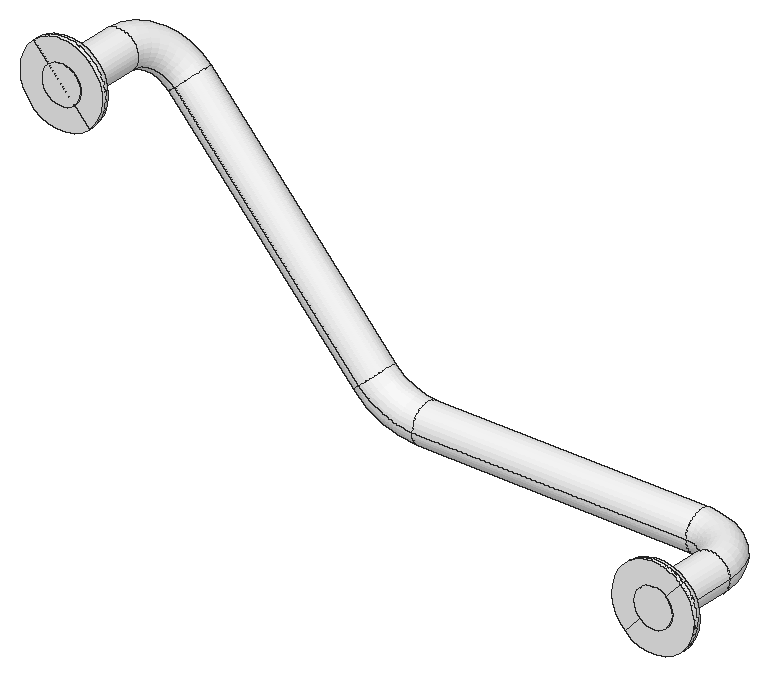
Revit family "CT752", category Plumbing Fixtures, host Wall, Revit 2015
Parameters (values of type "Type 1")
  URL = "http://www.scgbuildingmaterials.com/th/products/CT752-SA(HM)-30X30-Cm-Handrail-V-Shapeand-044;-3/8852410752275"
  Short Description 3 = "3. Polished Hairline surface"
  Short Description 2 = "2. Wall plug can handle up to 100 kgf."
  Short Description 1 = "1. Made from SUS304 Stainless"
  SAP Prpduct ID = "Z235CT752SAHMXXX13"
  Manufacturer = "THE SIAM SANITARY FITTINGS CO.,LTD."  # constant formula
  CMS Name = "CT752#SAHM 30X30 Cm Handrail  V Shape 32 MM Hairline Finished"
  Barcode = "8852410752275"
Reference planes
  plane 1 "Wall": y = 0
  plane 2 "Center (Left/Right)": x = 125
  plane 3 "Back": y = 75
  plane 4: y = 75
  plane 5: y = 75
  plane 6: y = 75
  plane 7: y = 75
  plane 8: y = 75
Forms (mm)
  Sweep 1, solid, material "Stainless Steel AISI 304"
    path in 3D
      loop
        line (125, 75, 1196.471) -> (125, 135, 1196.471)
        arc (125, 135, 1196.471) -> (113.284, 163.284, 1196.471) -> (85, 175, 1196.471) r 40
        line (85, 175, 1196.471) -> (-143.629, 175, 1196.471)
        arc (-143.629, 175, 1196.471) -> (-167.839, 175, 1201.572) -> (-187.933, 175, 1216.008) r 60
        line (-187.933, 175, 1216.008) -> (-342.114, 175, 1384.826)
        arc (-342.114, 175, 1384.826) -> (-361.188, 163.284, 1405.711) -> (-369.088, 135, 1414.362) r 40
        line (-369.088, 135, 1414.362) -> (-369.088, 75, 1414.362)
    profile origin (-29.315, 175, 1196.471) x (0, -1, 0) y (0, 0, 1)
      loop
        circle (0, 0) r 16
  Revolve 2, solid, material "Stainless Steel AISI 304"
    sketch origin (-284.792, 0, 1322.063) x (-0.674372, 0, 0.738392) y (0, -1, 0)
      loop
        line (125, -85) -> (152.5, -85)
        arc (152.5, -85) -> (157.45, -82.95) -> (159.5, -78) r 7
        line (159.5, -78) -> (159.5, -75) -> (125, -75) -> (125, -85)
      axis (125, -75) -> (125, -85)
    angle from 0 to 360
  Revolve 3, solid, material "Stainless Steel AISI 304"
    sketch origin (40.704, 0, 1104.172) x (0.674372, 0, 0.738392) y (0, 1, 0)
      loop
        line (125, 85) -> (125, 75) -> (159.5, 75) -> (159.5, 78)
        arc (159.5, 78) -> (157.45, 82.95) -> (152.5, 85) r 7
        line (152.5, 85) -> (125, 85)
      axis (125, 75) -> (125, 85)
    angle from 0 to 360
  Revolve 4, solid, material "Stainless Steel AISI 304", not visible
    sketch origin (-284.792, 0, 1322.063) x (-0.674372, 0, 0.738392) y (0, -1, 0)
      loop
        line (125, -85) -> (152.5, -85)
        arc (152.5, -85) -> (157.45, -82.95) -> (159.5, -78) r 7
        line (159.5, -78) -> (159.5, -75) -> (125, -75) -> (125, -85)
      axis (125, -75) -> (125, -85)
    angle from 0 to 360
  Sweep 5, solid, material "Stainless Steel AISI 304", not visible
    path in 3D
      loop
        line (125, 75, 1196.471) -> (125, 135, 1196.471)
        arc (125, 135, 1196.471) -> (113.284, 163.284, 1196.471) -> (85, 175, 1196.471) r 40
        line (85, 175, 1196.471) -> (-143.629, 175, 1196.471)
        arc (-143.629, 175, 1196.471) -> (-167.839, 175, 1201.572) -> (-187.933, 175, 1216.008) r 60
        line (-187.933, 175, 1216.008) -> (-342.114, 175, 1384.826)
        arc (-342.114, 175, 1384.826) -> (-361.188, 163.284, 1405.711) -> (-369.088, 135, 1414.362) r 40
        line (-369.088, 135, 1414.362) -> (-369.088, 75, 1414.362)
    profile origin (-29.315, 175, 1196.471) x (0, -1, 0) y (0, 0, 1)
      loop
        circle (0, 0) r 16
  Revolve 6, solid, material "Stainless Steel AISI 304", not visible
    sketch origin (-284.792, 0, 1322.063) x (-0.674372, 0, 0.738392) y (0, -1, 0)
      loop
        line (125, -85) -> (152.5, -85)
        arc (152.5, -85) -> (157.45, -82.95) -> (159.5, -78) r 7
        line (159.5, -78) -> (159.5, -75) -> (125, -75) -> (125, -85)
      axis (125, -75) -> (125, -85)
    angle from 0 to 360
  Revolve 7, solid, material "Stainless Steel AISI 304", not visible
    sketch origin (40.704, 0, 1104.172) x (0.674372, 0, 0.738392) y (0, 1, 0)
      loop
        line (125, 85) -> (125, 75) -> (159.5, 75) -> (159.5, 78)
        arc (159.5, 78) -> (157.45, 82.95) -> (152.5, 85) r 7
        line (152.5, 85) -> (125, 85)
      axis (125, 75) -> (125, 85)
    angle from 0 to 360
  Sweep 8, solid, material "Stainless Steel AISI 304", not visible
    path in 3D
      loop
        line (125, 75, 1196.471) -> (125, 135, 1196.471)
        arc (125, 135, 1196.471) -> (113.284, 163.284, 1196.471) -> (85, 175, 1196.471) r 40
        line (85, 175, 1196.471) -> (-143.629, 175, 1196.471)
        arc (-143.629, 175, 1196.471) -> (-167.839, 175, 1201.572) -> (-187.933, 175, 1216.008) r 60
        line (-187.933, 175, 1216.008) -> (-342.114, 175, 1384.826)
        arc (-342.114, 175, 1384.826) -> (-361.188, 163.284, 1405.711) -> (-369.088, 135, 1414.362) r 40
        line (-369.088, 135, 1414.362) -> (-369.088, 75, 1414.362)
    profile origin (-29.315, 175, 1196.471) x (0, -1, 0) y (0, 0, 1)
      loop
        circle (0, 0) r 16
  Revolve 9, solid, material "Stainless Steel AISI 304", not visible
    sketch origin (-284.792, 0, 1322.063) x (-0.674372, 0, 0.738392) y (0, -1, 0)
      loop
        line (125, -85) -> (152.5, -85)
        arc (152.5, -85) -> (157.45, -82.95) -> (159.5, -78) r 7
        line (159.5, -78) -> (159.5, -75) -> (125, -75) -> (125, -85)
      axis (125, -75) -> (125, -85)
    angle from 0 to 360
  Revolve 10, solid, material "Stainless Steel AISI 304", not visible
    sketch origin (40.704, 0, 1104.172) x (0.674372, 0, 0.738392) y (0, 1, 0)
      loop
        line (125, 85) -> (125, 75) -> (159.5, 75) -> (159.5, 78)
        arc (159.5, 78) -> (157.45, 82.95) -> (152.5, 85) r 7
        line (152.5, 85) -> (125, 85)
      axis (125, 75) -> (125, 85)
    angle from 0 to 360
  Sweep 11, solid, material "Stainless Steel AISI 304", not visible
    path in 3D
      loop
        line (125, 75, 1196.471) -> (125, 135, 1196.471)
        arc (125, 135, 1196.471) -> (113.284, 163.284, 1196.471) -> (85, 175, 1196.471) r 40
        line (85, 175, 1196.471) -> (-143.629, 175, 1196.471)
        arc (-143.629, 175, 1196.471) -> (-167.839, 175, 1201.572) -> (-187.933, 175, 1216.008) r 60
        line (-187.933, 175, 1216.008) -> (-342.114, 175, 1384.826)
        arc (-342.114, 175, 1384.826) -> (-361.188, 163.284, 1405.711) -> (-369.088, 135, 1414.362) r 40
        line (-369.088, 135, 1414.362) -> (-369.088, 75, 1414.362)
    profile origin (-29.315, 175, 1196.471) x (0, -1, 0) y (0, 0, 1)
      loop
        circle (0, 0) r 16
  Revolve 12, solid, material "Stainless Steel AISI 304", not visible
    sketch origin (-284.792, 0, 1322.063) x (-0.674372, 0, 0.738392) y (0, -1, 0)
      loop
        line (125, -85) -> (152.5, -85)
        arc (152.5, -85) -> (157.45, -82.95) -> (159.5, -78) r 7
        line (159.5, -78) -> (159.5, -75) -> (125, -75) -> (125, -85)
      axis (125, -75) -> (125, -85)
    angle from 0 to 360
  Revolve 13, solid, material "Stainless Steel AISI 304", not visible
    sketch origin (40.704, 0, 1104.172) x (0.674372, 0, 0.738392) y (0, 1, 0)
      loop
        line (125, 85) -> (125, 75) -> (159.5, 75) -> (159.5, 78)
        arc (159.5, 78) -> (157.45, 82.95) -> (152.5, 85) r 7
        line (152.5, 85) -> (125, 85)
      axis (125, 75) -> (125, 85)
    angle from 0 to 360
  Sweep 14, solid, material "Stainless Steel AISI 304", not visible
    path in 3D
      loop
        line (125, 75, 1196.471) -> (125, 135, 1196.471)
        arc (125, 135, 1196.471) -> (113.284, 163.284, 1196.471) -> (85, 175, 1196.471) r 40
        line (85, 175, 1196.471) -> (-143.629, 175, 1196.471)
        arc (-143.629, 175, 1196.471) -> (-167.839, 175, 1201.572) -> (-187.933, 175, 1216.008) r 60
        line (-187.933, 175, 1216.008) -> (-342.114, 175, 1384.826)
        arc (-342.114, 175, 1384.826) -> (-361.188, 163.284, 1405.711) -> (-369.088, 135, 1414.362) r 40
        line (-369.088, 135, 1414.362) -> (-369.088, 75, 1414.362)
    profile origin (-29.315, 175, 1196.471) x (0, -1, 0) y (0, 0, 1)
      loop
        circle (0, 0) r 16
  Revolve 15, solid, material "Stainless Steel AISI 304", not visible
    sketch origin (-284.792, 0, 1322.063) x (-0.674372, 0, 0.738392) y (0, -1, 0)
      loop
        line (125, -85) -> (152.5, -85)
        arc (152.5, -85) -> (157.45, -82.95) -> (159.5, -78) r 7
        line (159.5, -78) -> (159.5, -75) -> (125, -75) -> (125, -85)
      axis (125, -75) -> (125, -85)
    angle from 0 to 360
  Revolve 16, solid, material "Stainless Steel AISI 304", not visible
    sketch origin (40.704, 0, 1104.172) x (0.674372, 0, 0.738392) y (0, 1, 0)
      loop
        line (125, 85) -> (125, 75) -> (159.5, 75) -> (159.5, 78)
        arc (159.5, 78) -> (157.45, 82.95) -> (152.5, 85) r 7
        line (152.5, 85) -> (125, 85)
      axis (125, 75) -> (125, 85)
    angle from 0 to 360
Lines and regions (mm)
  sketch lines
    curve 1: line (85, 175, 1196.471) -> (-143.629, 175, 1196.471)
    curve 2: arc (125, 135, 1196.471) -> (113.284, 163.284, 1196.471) -> (85, 175, 1196.471) r 40
    curve 3: line (125, 75, 1196.471) -> (125, 135, 1196.471)
    curve 4: arc (-143.629, 175, 1196.471) -> (-167.839, 175, 1201.572) -> (-187.933, 175, 1216.008) r 60
    curve 5: line (-342.114, 175, 1384.826) -> (-187.933, 175, 1216.008)
    curve 6: arc (-369.088, 135, 1414.362) -> (-361.188, 163.284, 1405.711) -> (-342.114, 175, 1384.826) r 40
    curve 7: line (-369.088, 75, 1414.362) -> (-369.088, 135, 1414.362)
  sketch lines, not visible
    curve 8: line (85, 175, 1196.471) -> (-143.629, 175, 1196.471)
    curve 9: arc (125, 135, 1196.471) -> (113.284, 163.284, 1196.471) -> (85, 175, 1196.471) r 40
    curve 10: line (125, 75, 1196.471) -> (125, 135, 1196.471)
    curve 11: arc (-143.629, 175, 1196.471) -> (-167.839, 175, 1201.572) -> (-187.933, 175, 1216.008) r 60
    curve 12: line (-342.114, 175, 1384.826) -> (-187.933, 175, 1216.008)
    curve 13: arc (-369.088, 135, 1414.362) -> (-361.188, 163.284, 1405.711) -> (-342.114, 175, 1384.826) r 40
    curve 14: line (-369.088, 75, 1414.362) -> (-369.088, 135, 1414.362)
    curve 15: line (85, 175, 1196.471) -> (-143.629, 175, 1196.471)
    curve 16: arc (125, 135, 1196.471) -> (113.284, 163.284, 1196.471) -> (85, 175, 1196.471) r 40
    curve 17: line (125, 75, 1196.471) -> (125, 135, 1196.471)
    curve 18: arc (-143.629, 175, 1196.471) -> (-167.839, 175, 1201.572) -> (-187.933, 175, 1216.008) r 60
    curve 19: line (-342.114, 175, 1384.826) -> (-187.933, 175, 1216.008)
    curve 20: arc (-369.088, 135, 1414.362) -> (-361.188, 163.284, 1405.711) -> (-342.114, 175, 1384.826) r 40
    curve 21: line (-369.088, 75, 1414.362) -> (-369.088, 135, 1414.362)
    curve 22: line (85, 175, 1196.471) -> (-143.629, 175, 1196.471)
    curve 23: arc (125, 135, 1196.471) -> (113.284, 163.284, 1196.471) -> (85, 175, 1196.471) r 40
    curve 24: line (125, 75, 1196.471) -> (125, 135, 1196.471)
    curve 25: arc (-143.629, 175, 1196.471) -> (-167.839, 175, 1201.572) -> (-187.933, 175, 1216.008) r 60
    curve 26: line (-342.114, 175, 1384.826) -> (-187.933, 175, 1216.008)
    curve 27: arc (-369.088, 135, 1414.362) -> (-361.188, 163.284, 1405.711) -> (-342.114, 175, 1384.826) r 40
    curve 28: line (-369.088, 75, 1414.362) -> (-369.088, 135, 1414.362)
    curve 29: line (85, 175, 1196.471) -> (-143.629, 175, 1196.471)
    curve 30: arc (125, 135, 1196.471) -> (113.284, 163.284, 1196.471) -> (85, 175, 1196.471) r 40
    curve 31: line (125, 75, 1196.471) -> (125, 135, 1196.471)
    curve 32: arc (-143.629, 175, 1196.471) -> (-167.839, 175, 1201.572) -> (-187.933, 175, 1216.008) r 60
    curve 33: line (-342.114, 175, 1384.826) -> (-187.933, 175, 1216.008)
    curve 34: arc (-369.088, 135, 1414.362) -> (-361.188, 163.284, 1405.711) -> (-342.114, 175, 1384.826) r 40
    curve 35: line (-369.088, 75, 1414.362) -> (-369.088, 135, 1414.362)
Text (mm)
  text "Placement Side" at (-1848.837, 1116.779, 0), in view "Ref. Level"
  text "Placement side" at (0, 1409.804, 2854.306), in view "Left"
  text "Placement side" at (0, 499.811, 2980.732), in view "Right"
Dimensions and locks
  locked: plane 3 "Back" to host wall
  aligned and locked: plane 1 "Wall" to host wall
  aligned and locked: plane 6 to Revolve 2  (x2)
  aligned and locked: Revolve 3 to plane 6  (x5)
  aligned and locked: plane 6 to plane 3 "Back"
  aligned and locked: Sweep 1 to plane 6
  aligned and locked: plane 6 to Sweep 1
